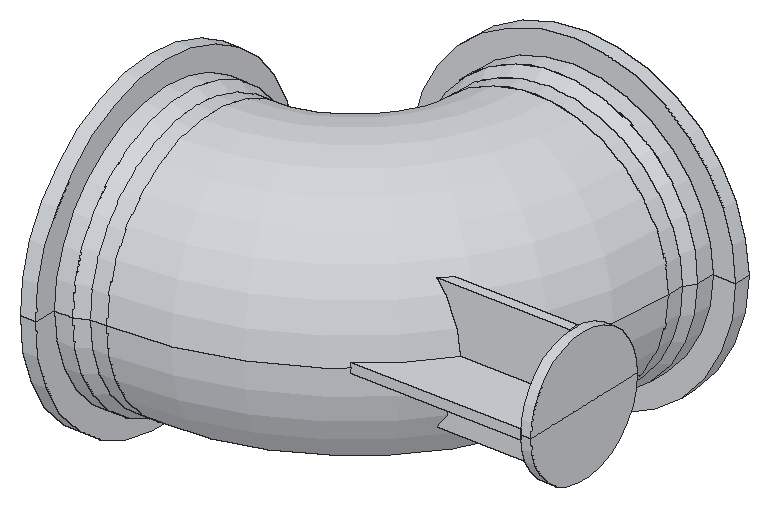
Revit family "ab58b27f9bf149a68df95b7924d6f4f0", category Pipe Fittings, Revit 2021
Family settings
  Round Connector Dimension = Use Radius
  Part Type = Elbow
  OmniClass Number = 23.60.30.11.14
  OmniClass Title = Pipework Fittings
  Seek Item ID = Elbow - Threaded - MI - Class 300-0000-USA-ENU
  Work Plane-Based = No
  Always vertical = Yes
  Cut with Voids When Loaded = No
  Shared = No
Parameters (values of type "Standard")
  Tick Size [instance] = Fitting Outside Diameter * 0.4  # 12.8000"
  Socket Outside Radius [instance] = Socket Outside Diameter / 2  # 16.7500"
  Socket Outside Diameter [instance] = size_lookup(Lookup Table Name, "SOD", 1.08 * Nominal Diameter + 1.1200", Nominal Diameter)  # 33.5000"
  Socket Depth [instance] = if(Nominal Diameter < 14.0000", 2.5000", if(Nominal Diameter < 30.0000", 3.5000", 4.0000"))  # 4.0000"
  Round Base Radius [instance] = Round Base Diameter / 2  # 8.0000"
  Round Base Diameter [instance] = size_lookup(Lookup Table Name, "RBD", 0.43 * Nominal Diameter + 4.7200", Nominal Diameter)  # 16.0000"
  Rib Thickness [instance] = size_lookup(Lookup Table Name, "RThk", 0.03 * Nominal Diameter + 0.4900", Nominal Diameter)  # 1.1500"
  Lookup Table Name = "Base Bend - MJ - DI - Class 250"
  Length 9 [instance] = if(Fitting Outside Radius > Round Base Radius, Round Base Radius, Fitting Outside Radius)  # 8.0000"
  Length 8 [instance] = if(Length 7 < 0.0000", Round Base Radius, Fitting Outside Radius + Length 7)  # 8.0000"
  Length 7 [instance] = tan(Angle 1) * (Center to Socket Bottom - Bevel Length)  # -4.04301"
  Length 6 [instance] = Center to Face + Center to Socket Bottom - Bevel Length  # 46.5000"
  Length 5 [instance] = Length 4 + Bevel Length + Socket Depth  # 7.5000"
  Length 4 [instance] = Center to Socket Bottom - Bevel Length - Length 1  # 2.0000"
  Length 3 [instance] = sin(Angle) * (Center to Socket Bottom + Socket Depth)  # 29.0000"
  Length 2 [instance] = cos(Angle) * (Center to Socket Bottom + Socket Depth)  # 0.0000"
  Length 1 [instance] = tan(Angle / 2) * Center Radius  # 21.5000"
  Length 11 [instance] = Center to Face + Length 1 - Length 10  # 37.5626"
  Length 10 [instance] = sqrt((Center Radius + (Center Radius - Rib Thickness)) * Rib Thickness)  # 6.9374"
  Gland Width [instance] = size_lookup(Lookup Table Name, "GWid", 0.03 * Nominal Diameter + 0.9400", Nominal Diameter)  # 1.8100"
  Gland Outside Radius [instance] = Gland Outside Diameter / 2  # 19.5600"
  Gland Outside Diameter [instance] = size_lookup(Lookup Table Name, "GOD", 1.16 * Nominal Diameter + 4.0300", Nominal Diameter)  # 39.1200"
  Fitting Outside Radius [instance] = Fitting Outside Diameter / 2  # 16.0000"
  Fitting Outside Diameter [instance] = size_lookup(Lookup Table Name, "FOD", 1.04 * Nominal Diameter + 0.7000", Nominal Diameter)  # 32.0000"
  Nominal Radius [instance] = 15.0000"
  Nominal Diameter [instance] = Nominal Radius * 2  # 30.0000"
  Loss Method = K Coefficient from Table
  K Coefficient Table = "Long Radius Elbow"
  Default Elevation = 0.0000"
  Center to Socket Bottom [instance] = size_lookup(Lookup Table Name, "CtSB", Center to Socket Bottom Not Found, Nominal Diameter, Angle)  # 25.0000"
  Center to Socket Bottom Not Found [instance] = tan(Angle / 2) * Center Radius + Bevel Length + 1.0000"  # 24.0000"
  Center to Face [instance] = size_lookup(Lookup Table Name, "CtF", 0.65 * Nominal Diameter + 3.1200", Nominal Diameter)  # 23.0000"
  Center Radius [instance] = size_lookup(Lookup Table Name, "CRad", 0.69 * Nominal Diameter + 1.8100", Nominal Diameter, Angle)  # 21.5000"
  Bevel Length [instance] = size_lookup(Lookup Table Name, "BvLgt", 0.04 * Nominal Diameter + 0.4300", Nominal Diameter)  # 1.5000"
  Base Thickness [instance] = size_lookup(Lookup Table Name, "BThk", 0.03 * Nominal Diameter + 0.4900", Nominal Diameter)  # 1.1900"
  Assembly Code = ""
  Angle 1 [instance] = atan((Round Base Radius - Fitting Outside Radius) / Length 6)  # -9.76177°
  Angle [instance] = 90.00°  # constant formula
Reference planes (in)
  plane 1 "Center (Front/Back)": y = 0
  plane 2: z = 0
  plane 3 "Center (Left/Right)": x = 0
  plane 4: x = -21.5
  plane 5: x = -23.5
  plane 6: y = 21.5
  plane 7: y = 12.8
  plane 8: y = -12.8
  plane 9: x = 0
  plane 10: y = 29
  plane 11: x = -29
  plane 12: x = -27.19
  plane 13: y = 19.56
  plane 14: y = 16.75
  plane 15: y = 16
  plane 16: x = -25
  plane 17: x = 21.81
  plane 18: x = 23
  plane 19: y = 0.575
  plane 20: y = -0.575
  plane 21: z = 0.575
  plane 22: z = -0.575
  plane 23: y = 8
  plane 24: z = 8
  plane 25: z = -8
  plane 26: z = 16
  plane 27: z = -16
  plane 28: y = -8
Forms (in)
  Sweep 1, solid, detail levels fine
    path in 3D
      loop
        arc (-21.5, 0, 0) -> (-6.2972, 6.2972, 0) -> (0, 21.5, 0) r 21.5
    profile origin (-6.2972, 6.2972, 0) x (-0.707107, 0.707107, 0) y (0, 0, 1)
      loop
        circle (0, 0) r 16
  Revolve 2, solid, detail levels fine
    sketch origin (0, 29, 0) x (0, -1, 0) y (1, 0, 0)
      loop
        line (0, 0) -> (0, -19.56) -> (1.81, -19.56) -> (1.81, -16.75) -> (4, -16.75) -> (5.5, -16) -> (7.5, -16) -> (7.5, 0) -> (0, 0)
      axis (0, 0) -> (7.5, 0)
    angle from 0 to 360
  Revolve 3, solid, detail levels fine
    sketch origin (0, 0, 0) x (1, 0, 0) y (0, 1, 0)
      loop
        line (-29, 0) -> (-21.5, 0) -> (-21.5, 16) -> (-23.5, 16) -> (-25, 16.75) -> (-27.19, 16.75) -> (-27.19, 19.56) -> (-29, 19.56) -> (-29, 0)
      loop
        line (21.81, 0) -> (23, 0) -> (23, 8) -> (21.81, 8) -> (21.81, 0)
      axis (-29, 0) -> (23, 0)
    angle from 0 to 360
  Extrusion 4, solid, detail levels fine
    sketch origin (0, 0, 0) x (1, 0, 0) y (0, 0, 1)
      loop
        line (21.81, 8) -> (-23.5, 8) -> (-23.5, -8) -> (21.81, -8) -> (21.81, 8)
    from -0.575 to 0.575
  Extrusion 5, solid, detail levels fine
    sketch origin (0, 0, 0) x (1, 0, 0) y (0, 1, 0)
      loop
        line (21.81, 8) -> (0, 8) -> (0, 0) -> (-25, 0) -> (-25, -8) -> (21.81, -8) -> (21.81, 8)
    from -0.575 to 0.575
Cuts and joins
  joined: Extrusion 4, Extrusion 5
  joined: Sweep 1, Revolve 2, Revolve 3
Lines and regions (in)
  model lines, style "PipeFitting", detail levels coarse+medium
    curve 1: line (-29, 0, 0) -> (23, 0, 0)
    curve 2: arc (-21.5, 0, 0) -> (-6.2972, 6.2972, 0) -> (0, 21.5, 0) r 21.5
    curve 3: line (0, 21.5, 0) -> (0, 29, 0)
    curve 10: line (-14.5626, 1.15, 0) -> (23, 1.15, 0)
  sketch lines
    curve 4: arc (-21.5, 0, 0) -> (-6.2972, 6.2972, 0) -> (0, 21.5, 0) r 21.5
  model lines, detail levels coarse+medium
    curve 5: line (-29, 0, 0) -> (-29, 12.8, 0)
    curve 6: line (-29, 0, 0) -> (-29, -12.8, 0)
    curve 7: line (0, 29, 0) -> (-12.8, 29, 0)
    curve 8: line (0, 29, 0) -> (12.8, 29, 0)
  reference lines, not visible
    curve 9: line (0, 29, 0) -> (0, 21.68528, 0)
Dimensions and locks (in)
  "Center Radius": plane 6 to plane 1 "Center (Front/Back)"
  "Tick Size": plane 7 to plane 1 "Center (Front/Back)"
  "Tick Size": plane 8 to plane 1 "Center (Front/Back)"
  "Tick Size": curve 7 to curve 7
  "Tick Size": curve 8 to curve 8
  "Socket Outside Radius": Revolve 2 sketch curve to Revolve 2 sketch curve
  "Gland Width": Revolve 2 sketch curve to Revolve 2 sketch curve
  "Fitting Outside Radius": Revolve 2 sketch curve to Revolve 2 sketch curve
  "Gland Outside Radius": Revolve 2 sketch curve to Revolve 2 sketch curve
  "Socket Depth": Revolve 2 sketch curve to Revolve 2 sketch curve
  "Length 1": plane 4 to plane 3 "Center (Left/Right)"
  "Length 3": plane 10 to plane 1 "Center (Front/Back)"
  "Gland Width": plane 11 to plane 12
  "Fitting Outside Radius": plane 15 to plane 1 "Center (Front/Back)"
  "Socket Outside Radius": plane 14 to plane 1 "Center (Front/Back)"
  "Gland Outside Radius": plane 13 to plane 1 "Center (Front/Back)"
  "Bevel Length": plane 16 to plane 5
  "Socket Depth": plane 11 to plane 16
  "Center to Socket Bottom": plane 16 to plane 3 "Center (Left/Right)"
  "Length 2": plane 3 "Center (Left/Right)" to plane 9
  "Length 5": Revolve 2 sketch curve to Revolve 2 sketch curve
  equal spacing: plane 21, plane 2, plane 22
  "Rib Thickness": plane 21 to plane 22
  equal spacing: plane 20, plane 1 "Center (Front/Back)", plane 19
  "Rib Thickness": plane 20 to plane 19
  "Round Base Radius": plane 23 to plane 1 "Center (Front/Back)"
  "Center to Face": plane 3 "Center (Left/Right)" to plane 18
  "Base Thickness": plane 17 to plane 18
  "Fitting Outside Radius": plane 26 to plane 2
  "Fitting Outside Radius": plane 2 to plane 27
  "Round Base Radius": plane 24 to plane 2
  "Round Base Radius": plane 2 to plane 25
  "Round Base Radius": plane 28 to plane 1 "Center (Front/Back)"
  "Length 8": plane 1 "Center (Front/Back)" to Extrusion 5 sketch curve
  "Length 9": Extrusion 5 sketch curve to plane 1 "Center (Front/Back)"
  "Length 9": Extrusion 4 sketch curve to plane 2
  "Length 9": plane 2 to Extrusion 4 sketch curve
  "Rib Thickness": plane 1 "Center (Front/Back)" to curve 10
  "Length 11": curve 10 to curve 10
  "Length 4": Revolve 2 sketch curve to Revolve 2 sketch curve
  "Center Radius": radius of curve 2
  "Fitting Outside Radius": radius of Sweep 1 sketch curve
  "Angle": angle curve 2 to curve 2
  "Angle": angle plane 1 "Center (Front/Back)" to curve 3
  locked: curve 8 to curve 3 (angle 90.00°)
  locked: curve 3 to curve 7 (angle 90.00°)
  "Angle": angle plane 10 to curve 9
  aligned and locked: plane 4 to curve 2
  aligned and locked: plane 7 to curve 5
  aligned and locked: plane 1 "Center (Front/Back)" to curve 6
  aligned and locked: plane 8 to curve 6
  aligned and locked: plane 9 to curve 9
  aligned and locked: plane 10 to curve 9
  aligned and locked: Revolve 2 sketch curve to curve 9
  aligned and locked: curve 6 to plane 11
  aligned and locked: Revolve 3 sketch curve to plane 13
  aligned and locked: plane 11 to Revolve 3 sketch curve
  aligned and locked: Revolve 3 sketch curve to plane 12
  aligned and locked: Revolve 3 sketch curve to plane 14
  aligned and locked: Revolve 3 sketch curve to plane 4
  aligned and locked: plane 16 to Revolve 3 sketch curve
  aligned and locked: plane 5 to Revolve 3 sketch curve
  aligned and locked: plane 15 to Revolve 3 sketch curve
  aligned and locked: Revolve 3 sketch curve to plane 1 "Center (Front/Back)"
  aligned and locked: plane 17 to Revolve 3 sketch curve
  aligned and locked: Revolve 3 sketch curve to plane 18
  aligned and locked: plane 23 to Revolve 3 sketch curve
  aligned and locked: plane 19 to Extrusion 4
  aligned and locked: plane 20 to Extrusion 4
  aligned and locked: plane 17 to Extrusion 5 sketch curve
  aligned and locked: plane 28 to Extrusion 5 sketch curve
  aligned and locked: Extrusion 5 sketch curve to plane 23
  aligned and locked: plane 1 "Center (Front/Back)" to Extrusion 5 sketch curve
  aligned and locked: plane 9 to Extrusion 5 sketch curve
  aligned and locked: Extrusion 5 sketch curve to plane 16
  aligned and locked: plane 22 to Extrusion 5
  aligned and locked: plane 21 to Extrusion 5
  aligned and locked: plane 24 to Extrusion 4 sketch curve
  aligned and locked: plane 18 to curve 1
  aligned and locked: plane 18 to curve 10
Automatic sketch dimensions
  Sweep 1 sketch curve to profile plane = 0.0000"  (x2)
  plane 1 "Center (Front/Back)" to Revolve 3 sketch curve = 0.0000"  (x2)
  Revolve 3 sketch curve to plane 4 = 0.0000"
  Revolve 3 sketch curve to Revolve 3 sketch curve = 0.7500"
  Extrusion 4 sketch curve to plane 5 = 0.0000"
  Extrusion 4 sketch curve to plane 17 = 0.0000"
  curve 8 to plane 10 = 0.0000"
  Revolve 2 sketch curve to curve 9 = 0.0000"  (x2)
  Revolve 2 sketch curve to Revolve 2 sketch curve = 1.0000"
  Revolve 2 sketch curve to Revolve 2 sketch curve = 0.78127"
Connectors (in)
  piping at (-29, 0, 0), diameter 30, driven by "Angle", driven by "Nominal Radius"
    settings: on Revolve 3, index 1, connector inside diameter 30.0000", connector length 0.0000", flow factor 0, pipe flow 0 GPM, pressure drop 0.00 psi, fitting loss kfactor 0, connector angle 90.00°, fixture units 0, engagement length 0.0000", angle of deflection 0.00°, flow configuration 0, flow direction 0, fitting loss method 0, system type 28, joint type 0, gender type 0, connector reference index 2, connector utility 0, adjustable connector no, is connector primary yes, connector description ""
  piping at (0, 29, 0), diameter 30, driven by "Angle", driven by "Nominal Radius"
    settings: on Revolve 2, index 2, connector inside diameter 30.0000", connector length 0.0000", flow factor 0, pipe flow 0 GPM, pressure drop 0.00 psi, fitting loss kfactor 0, connector angle 90.00°, fixture units 0, engagement length 0.0000", angle of deflection 0.00°, flow configuration 0, flow direction 0, fitting loss method 0, system type 28, joint type 0, gender type 0, connector reference index 1, connector utility 0, adjustable connector no, is connector primary no, connector description ""
